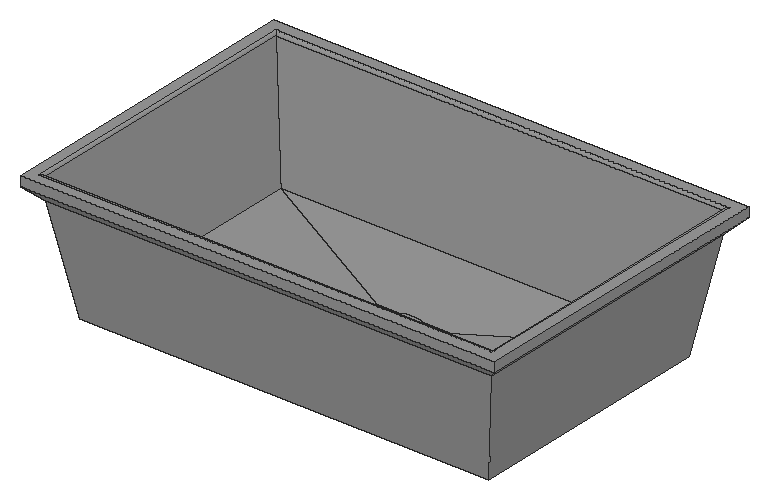
Revit family "Florestone MSR-3624 Mop Receptor", category Plumbing Fixtures, Revit 2015
Parameters
  Mop Sink = Mop Sink
  Drain Lid = Polished Stainless Steel
Reference planes (in)
  plane 1 "Center (Front/Back)": y = 0
  plane 2: z = 0
  plane 3 "Center (Left/Right)": x = 0
Forms (in)
  Sweep 1, solid, material "Mop Sink" <- "Mop Sink"
    path origin (0, 0, 0) x (1, 0, 0) y (0, 1, 0)
      loop
        line (18, 12) -> (-18, 12) -> (-18, -12) -> (18, -12) -> (18, 12)
    profile origin (0, 12, 0) x (0, -1, 0) y (0, 0, 1)
      loop
        line (0, 9.25) -> (1.07688, 8.17312) -> (2.51802, 0) -> (2.76327, 0) -> (2.63916, 0.70385) -> (1.03643, 9.79341)
        arc (1.03643, 9.79341) -> (0.95092, 9.94151) -> (0.79023, 10) r 0.25
        line (0.79023, 10) -> (0, 10) -> (0, 9.25)
  Extrusion 2, solid, material "Mop Sink" <- "Mop Sink"
    sketch origin (0, 0, 0) x (0, 1, 0) y (0, 0, 1)
      loop
        line (2.75, 0) -> (9.33837, 0.57641) -> (9.36084, 0.70385) -> (2.74454, 0.125) -> (-2.74454, 0.125) -> (-9.36084, 0.70385) -> (-9.33837, 0.57641) -> (-2.75, 0) -> (2.75, 0)
    from -15.36059 to 15.36059
  Extrusion 3, solid, material "Mop Sink" <- "Mop Sink"
    sketch origin (0, 0, 0) x (1, 0, 0) y (0, 0, 1)
      loop
        line (-2.76089, 0) -> (0, 0) -> (2.76089, 0) -> (15.33837, 0.57641) -> (15.36059, 0.70245) -> (2.75, 0.12452) -> (0, 0.12452) -> (-2.75, 0.12452) -> (-15.36059, 0.70245) -> (-15.33837, 0.57641) -> (-2.76089, 0)
    from -9.36084 to 9.36084
  Extrusion 4, solid, material "Polished Stainless Steel" <- "Drain Lid"
    sketch origin (0, 0, 0) x (1, 0, 0) y (0, 1, 0)
      loop
        circle (0, 0) r 2.75
      loop
        circle (0, 0.375) r 0.12616
      loop
        circle (0.375, 0) r 0.12616
      loop
        circle (0.76226, 0.20425) r 0.12616
      loop
        circle (0.55795, 0.55795) r 0.12616
      loop
        circle (0.20425, 0.76226) r 0.12616
      loop
        circle (1.14952, 0) r 0.12616
      loop
        circle (0, 1.14952) r 0.12616
      loop
        circle (0.57476, 0.99551) r 0.12616
      loop
        circle (0.99551, 0.57476) r 0.12616
      loop
        circle (1.52444, 0.40847) r 0.12616
      loop
        circle (0.40847, 1.52444) r 0.12616
      loop
        circle (1.1159, 1.1159) r 0.12616
      loop
        circle (0, 1.92404) r 0.12616
      loop
        circle (1.92404, 0) r 0.12616
      loop
        circle (0.96202, 1.66627) r 0.12616
      loop
        circle (1.66627, 0.96202) r 0.12616
      loop
        circle (0.76226, -0.20425) r 0.12616
      loop
        circle (0.55795, -0.55795) r 0.12616
      loop
        circle (0.20425, -0.76226) r 0.12616
      loop
        circle (0.57476, -0.99551) r 0.12616
      loop
        circle (0.99551, -0.57476) r 0.12616
      loop
        circle (1.52444, -0.40847) r 0.12616
      loop
        circle (0.40847, -1.52444) r 0.12616
      loop
        circle (1.1159, -1.1159) r 0.12616
      loop
        circle (0.96202, -1.66627) r 0.12616
      loop
        circle (1.66627, -0.96202) r 0.12616
      loop
        circle (0, -0.375) r 0.12616
      loop
        circle (0, -1.14952) r 0.12616
      loop
        circle (0, -1.92404) r 0.12616
      loop
        circle (-0.375, 0) r 0.12616
      loop
        circle (-0.76226, 0.20425) r 0.12616
      loop
        circle (-0.55795, 0.55795) r 0.12616
      loop
        circle (-0.20425, 0.76226) r 0.12616
      loop
        circle (-1.14952, 0) r 0.12616
      loop
        circle (-0.57476, 0.99551) r 0.12616
      loop
        circle (-0.99551, 0.57476) r 0.12616
      loop
        circle (-1.52444, 0.40847) r 0.12616
      loop
        circle (-0.40847, 1.52444) r 0.12616
      loop
        circle (-1.1159, 1.1159) r 0.12616
      loop
        circle (-1.92404, 0) r 0.12616
      loop
        circle (-0.96202, 1.66627) r 0.12616
      loop
        circle (-1.66627, 0.96202) r 0.12616
      loop
        circle (-0.76226, -0.20425) r 0.12616
      loop
        circle (-0.55795, -0.55795) r 0.12616
      loop
        circle (-0.20425, -0.76226) r 0.12616
      loop
        circle (-0.57476, -0.99551) r 0.12616
      loop
        circle (-0.99551, -0.57476) r 0.12616
      loop
        circle (-1.52444, -0.40847) r 0.12616
      loop
        circle (-0.40847, -1.52444) r 0.12616
      loop
        circle (-1.1159, -1.1159) r 0.12616
      loop
        circle (-0.96202, -1.66627) r 0.12616
      loop
        circle (-1.66627, -0.96202) r 0.12616
    from 0.125 to 0.25
Lines and regions (in)
  symbolic lines, style "PlumbingFixturesHiddenLines"
    curve 1: line (-2.35163, 1.42559, 0) -> (-15.23673, 9.23673, 0)
    curve 2: line (2.35163, 1.42559, 0) -> (15.23673, 9.23673, 0)
    curve 3: line (-2.35163, -1.42559, 0) -> (-15.23673, -9.23673, 0)
    curve 4: line (2.35163, -1.42559, 0) -> (15.23673, -9.23673, 0)
Dimensions and locks (in)
  aligned and locked: level to plane 2
